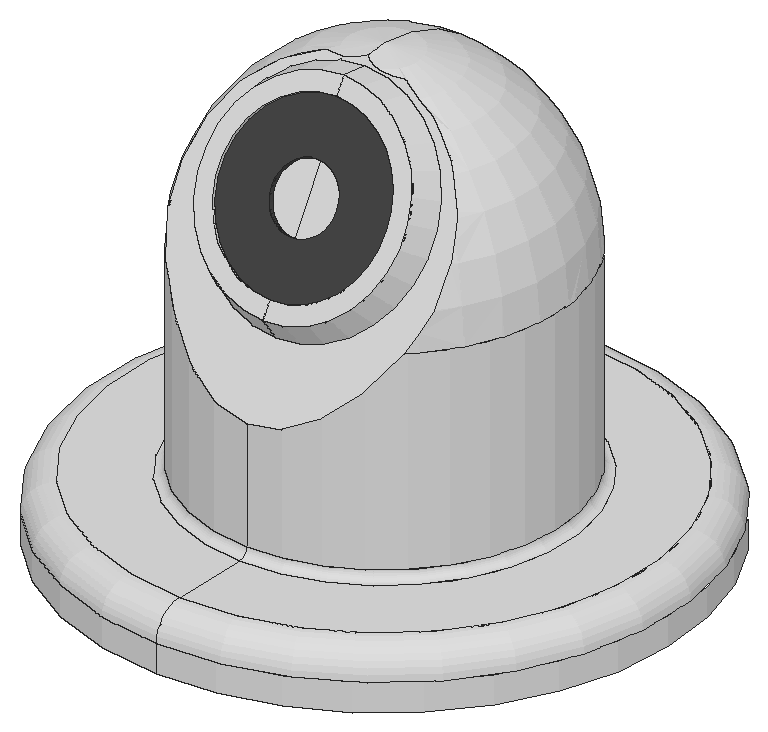
Revit family "Plumbing-Showerheads-Sloan-Valve-AC-460z", category Plumbing Fixtures, host Face, Revit 2021
Family settings
  Host = Face
  Round Connector Dimension = Use Diameter
  Part Type = Normal
  OmniClass Number = 23.45.05.14.99
  OmniClass Title = Other Sanitary Washing Plumbing Fixtures
  Cut with Voids When Loaded = No
  Shared = No
  Room Calculation Point = No
Parameters (values of type "AC-460-1.8GPM-CP")
  Water Inlet Connection Diameter = 1/2"  # constant formula
  Water Inlet Connection Description = "Water Inlet Connection"  # constant formula
  Water Flow = 1.8 GPM
  Waste Connection = no
  WFU = 0
  Vent Connection = no
  Valve Pressure Drop = 0.00 psi
  URL = "www.sloanvalve.com"
  Product data url = ""
  Product Material = Sloan Valve - Finish - Polished Chrome
  Product Guid = ""
  Part Number = "4024631"
  Model = "AC-460-1.8GPM-CP"
  Manufacturer = "Sloan Valve"  # constant formula
  Keynote = "15410"
  HWFU = 0
  HW Connection = no
  Edition number = 1
  Diameter = 4 3/8"  # constant formula
  Description = "Polished Chrome Finish, Act-O-Matic® Institutional Behind the WallInstallation Showerhead."
  Default Elevation = 0"
  CWFU = 0
  CW Connection = yes
  Assembly Code = "D2020300"
Types (3): name | Water Flow | Part Number | Model
  AC-460-1.8GPM-CP | 1.8 GPM | "4024631" | "AC-460-1.8GPM-CP"
  AC-460-2.0GPM-CP | 2 GPM | "4024630" | "AC-460-2.0GPM-CP"
  AC-460-2.5GPM-CP | 2.5 GPM | "4024600" | "AC-460-2.5GPM-CP"
Reference planes (in)
  plane 1 "Center (Front/Back)": y = -1.23858
  plane 2: z = 0
  plane 3 "Center (Left/Right)": x = 0
  plane 4: y = 0.94892
  plane 5: z = 0.43
  plane 6: z = 2.5625
  plane 7: through (0, 0.31243, 1.31263) normal (0, 0.5, 0.866)
Forms (in)
  Revolve 1, solid, material "Sloan Valve - Finish - Polished Chrome" <- "Product Material"
    sketch origin (0, 0, 0) x (0, 1, 0) y (0, 0, 1)
      loop
        line (-1.23858, 0) -> (0.94892, 0) -> (0.94892, 0.21)
        arc (0.94892, 0.21) -> (0.88449, 0.36556) -> (0.72892, 0.43) r 0.22
        line (0.72892, 0.43) -> (0.15059, 0.43)
        arc (0.15059, 0.43) -> (0.10168, 0.45026) -> (0.08142, 0.49916) r 0.06916
        line (0.08142, 0.49916) -> (0.08142, 1.985)
        arc (0.08142, 1.985) -> (-0.30061, 2.94708) -> (-1.23858, 3.385) r 1.40242
        line (-1.23858, 3.385) -> (-1.23858, 0)
      axis (-1.23858, 0) -> (-1.23858, 3.385)
    angle from 0 to 360
  Extrusion 2, void
    sketch origin (0, 0, 0) x (0, 1, 0) y (0, 0, 1)
      loop
        line (-0.49745, 4.9102) -> (-2.58203, 4.9102) -> (-2.58203, 1.29962) -> (-0.49745, 4.9102)
    from -2.24951 to 2.34613
  Revolve 3, solid, material "Sloan Valve - Finish - Polished Chrome" <- "Product Material"
    sketch origin (0, 0, 0) x (0, 1, 0) y (0, 0, 1)
      loop
        line (-1.85241, 2.5625) -> (-1.42124, 3.30931) -> (-1.62811, 3.33303) -> (-1.69468, 3.21774) -> (-1.65448, 3.19453) -> (-1.97764, 2.6348) -> (-1.85241, 2.5625)
      axis (-1.85241, 2.5625) -> (-2.01784, 2.65801)
    angle from 0 to 360
  Revolve 4, void
    sketch origin (0, 0, 0) x (0, 1, 0) y (0, 0, 1)
      loop
        line (-0.49126, 1.77664) -> (0.40201, 1.26091) -> (0.49623, 1.4241) -> (-0.39704, 1.93983) -> (-0.49126, 1.77664)
      axis (-0.49126, 1.77664) -> (0.40201, 1.26091)
    angle from 0 to 360
  Extrusion 5, solid, material "Sloan Valve - Thermoplastic - Black"
    sketch origin (0, -1.97764, 2.6348) x (0, 0.5, 0.866025) y (-1, 0, 0)
      loop
        circle (0, 0) r 0.64632
      loop
        circle (0, 0) r 0.25
    from 0 to 0.03172
  Extrusion 6, void
    sketch origin (0, -1.23858, 0) x (0, 1, 0) y (1, 0, 0)
      loop
        circle (0, 1.125) r 0.15625
      loop
        circle (0, -1.125) r 0.15625
    from -0.2871 to 0
  Extrusion 7, solid, not visible
    sketch origin (0, 0, 0) x (1, 0, 0) y (0, 1, 0)
      loop
        circle (0, -1.23858) r 0.25
    from 0 to 0.1875
Cuts and joins
  Extrusion 2, Revolve 4, Extrusion 6 cuts Revolve 1
Lines and regions (in)
  Masking region 1
    outline origin (0, -1.23858, 0) x (1, 0, 0) y (0, 0, 1)
      loop
        line (2.1875, 0) -> (2.1875, 0.25)
        arc (2.1875, 0.25) -> (2.10886, 0.3799) -> (1.96545, 0.42981) r 0.22401
        line (1.96545, 0.42981) -> (1.39125, 0.42981)
        arc (1.39125, 0.42981) -> (1.34057, 0.4508) -> (1.31958, 0.50148) r 0.07167
        line (1.31958, 0.50148) -> (1.31958, 2.00148)
        arc (1.31958, 2.00148) -> (0.9368, 2.9575) -> (0, 3.38519) r 1.38527
        arc (0, 3.38519) -> (-0.9368, 2.9575) -> (-1.31958, 2.00148) r 1.38527
        line (-1.31958, 2.00148) -> (-1.31958, 0.50148)
        arc (-1.31958, 0.50148) -> (-1.34057, 0.4508) -> (-1.39125, 0.42981) r 0.07167
        line (-1.39125, 0.42981) -> (-1.96545, 0.42981)
        arc (-1.96545, 0.42981) -> (-2.10886, 0.3799) -> (-2.1875, 0.25) r 0.22401
        line (-2.1875, 0.25) -> (-2.1875, 0) -> (0, 0) -> (2.1875, 0)
  symbolic lines, detail levels fine
    curve 1: arc (-0.00032, -1.23858, 1.66946) -> (0.19127, -1.23858, 1.44781) -> (-0.00024, -1.23858, 1.22609) r 0.22405
    curve 2: arc (-0.00024, -1.23858, 1.22609) -> (-0.19125, -1.23858, 1.44774) -> (-0.00032, -1.23858, 1.66946) r 0.22415
  symbolic lines, detail levels medium+fine
    curve 3: line (1.39125, -1.23858, 0.42981) -> (-1.39125, -1.23858, 0.42981)
Dimensions and locks (in)
  locked: Revolve 1 sketch curve to plane 1 "Center (Front/Back)" at 1.32
  locked: plane 4 to plane 1 "Center (Front/Back)" at 2.1875
  Revolve 1 sketch curve to level = 3.385"
  locked: plane 5 to level at 0.43
  locked: plane 1 "Center (Front/Back)" to Extrusion 2 sketch curve at 1.34345
  locked: level to Extrusion 2 sketch curve at 4.9102
  locked: Extrusion 2 sketch curve to level at 1.29962
  plane 6 to host face = 2 9/16"
  locked: Extrusion 6 sketch curve to plane 3 "Center (Left/Right)" at 1.125
  equal spacing: Extrusion 6 sketch curve, plane 3 "Center (Left/Right)", Extrusion 6 sketch curve
  diameter of Extrusion 6 sketch curve = 5/16"
  angle Extrusion 2 sketch curve to Extrusion 2 sketch curve = 30.00°
  aligned and locked: plane 2 to host face
  aligned and locked: level to host face
  aligned and locked: plane 4 to Revolve 1 sketch curve
  aligned and locked: plane 5 to Revolve 1 sketch curve
  aligned and locked: Revolve 1 sketch curve to plane 1 "Center (Front/Back)"
  aligned and locked: plane 1 "Center (Front/Back)" to Revolve 1 sketch curve
  aligned and locked: Revolve 3 sketch curve to Revolve 3 sketch curve
  aligned and locked: plane 7 to Revolve 4 sketch curve
  aligned and locked: Revolve 4 sketch curve to plane 7
  aligned and locked: Masking region 1 sketch curve to cut or joined group of Revolve 1, Extrusion 2, Revolve 4, Extrusion 6
  aligned and locked: Extrusion 5 sketch curve to Revolve 3  (x2)
  aligned and locked: plane 1 "Center (Front/Back)" to Extrusion 6 sketch curve  (x2)
  aligned and locked: Extrusion 6 to level
Automatic sketch dimensions
  host sketch curve to host sketch curve = 96"  (x2)
  Revolve 3 sketch curve to plane 6 = 0"  (x2)
  plane 6 to Revolve 3 sketch curve = 0.0723"
  plane 1 "Center (Front/Back)" to Revolve 3 sketch curve = 0.73907"
  plane 1 "Center (Front/Back)" to Revolve 3 sketch curve = 0.41591"
  plane 1 "Center (Front/Back)" to Revolve 3 sketch curve = 0.18267"
  plane 6 to Revolve 3 sketch curve = 0.05835"
  Revolve 3 sketch curve to Revolve 3 sketch curve = 0.04019"
  Revolve 3 sketch curve to Revolve 3 sketch curve = 0.06656"
  Revolve 3 sketch curve to Revolve 3 sketch curve = 0.11529"
  Revolve 1 sketch curve to level = 0"
  plane 1 "Center (Front/Back)" to Revolve 1 sketch curve = 0.08242"
  Revolve 1 sketch curve to Revolve 1 sketch curve = 0.06916"
  plane 4 to Revolve 1 sketch curve = 0.22"
  plane 5 to Revolve 1 sketch curve = 3/4"
  Revolve 1 sketch curve to Revolve 1 sketch curve = 0.445"
  Revolve 4 sketch curve to plane 1 "Center (Front/Back)" = 0.74732"
  Revolve 4 sketch curve to Revolve 4 sketch curve = 0.09422"
  level to Revolve 4 sketch curve = 1.26091"
  Revolve 4 sketch curve to Revolve 4 sketch curve = 0.21613"
  Revolve 4 sketch curve to plane 1 "Center (Front/Back)" = 0.22504"
  Masking region 1 sketch curve to plane 3 "Center (Left/Right)" = 0"  (x2)
  Masking region 1 sketch curve to plane 3 "Center (Left/Right)" = 0.06569"
  Masking region 1 sketch curve to Masking region 1 sketch curve = 1 65/256"
  Masking region 1 sketch curve to Masking region 1 sketch curve = 0.07167"  (x2)
  Masking region 1 sketch curve to Masking region 1 sketch curve = 147/256"  (x2)
  Masking region 1 sketch curve to Masking region 1 sketch curve = 0.00244"  (x2)
  Masking region 1 sketch curve to Masking region 1 sketch curve = 0.21961"  (x2)
  plane 3 "Center (Left/Right)" to Masking region 1 sketch curve = 0.06569"
  level to Masking region 1 sketch curve = 0.50148"
  plane 3 "Center (Left/Right)" to Masking region 1 sketch curve = 1.31958"
  level to Masking region 1 sketch curve = 0.20581"  (x2)
  Masking region 1 sketch curve to Masking region 1 sketch curve = 0.04419"
  Masking region 1 sketch curve to Masking region 1 sketch curve = 1 1/2"
  curve 1 to plane 3 "Center (Left/Right)" = 0.03278"
  plane 3 "Center (Left/Right)" to curve 2 = 0.03291"
  level to curve 1 = 1.44777"
  curve 1 to curve 2 = 0"
  level to curve 3 = 0.42981"
  curve 3 to plane 3 "Center (Left/Right)" = 1.39125"
  curve 2 to plane 3 "Center (Left/Right)" = 0.00032"
  curve 2 to plane 3 "Center (Left/Right)" = 0.00024"
  plane 3 "Center (Left/Right)" to curve 3 = 1.39125"
  plane 1 "Center (Front/Back)" to Extrusion 7 sketch curve = 0"
  Extrusion 7 sketch curve to plane 3 "Center (Left/Right)" = 0"
  radius of Extrusion 5 sketch curve to Revolve 3 = 0.39632"
  radius of Extrusion 6 sketch curve = 5/32"
  radius of Extrusion 7 sketch curve = 1/4"
Connectors (in)
  piping at (0, -1.23858, 0), diameter 0.5, driven by "Water Inlet Connection Diameter", driven by "Water Inlet Connection Description", driven by "Valve Pressure Drop", driven by "Water Flow"
    settings: on Extrusion 7, index 1, connector inside diameter 24", connector length 0", flow factor 0, pipe flow 1.8 GPM, pressure drop 0.00 psi, fitting loss kfactor 0, connector angle 0.00°, fixture units 0, engagement length 0", angle of deflection 0.00°, flow configuration 1, flow direction 1, fitting loss method 4, system type 19, joint type 0, gender type 0, connector reference index -1, connector utility 0, adjustable connector no, is connector primary yes, connector description "Water Inlet Connection"
